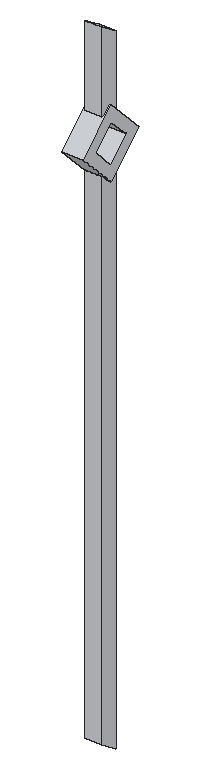
Revit family "Baluster-Custom3 (M)", category 난간동자, Revit 2026
Family settings
  항상 수직 = 예
  로드될 때 보이드를 사용하여 절단 = 아니오
  공유 = 아니오
Parameters (values of type "20mm")
  built-in parameter 1008623 [instance] = 32.47°
  built-in parameter 1008625 [instance] = (empty or 0)
  Post = no
  built-in parameter 1008624 [instance] = 32.47°
  Width = 20 mm
  t1 = Width + 5.999 mm  # 25.999 mm
  Baluster Material = none
  built-in parameter 1008622 [instance] = 762 mm
Types (3, lengths in mm): name | Width | t1
  (no name) | 20 | 25.999
  25mm | 25 | 30.999
  20mm | 20 | 25.999
Reference planes
  plane 1 "Center F/B": y = 0
  plane 2: z = 0
  plane 3 "Center L/R": x = 0
  plane 4 "Top": z = 762
  plane 5 "Top Angle Cut": through (0, 345.134, 542.379) normal (0, -0.5369, -0.8437)
  plane 6: z = 862
  plane 7: z = 609.6
  plane 8: z = 673.1
  plane 9: z = 641.35
  plane 10: x = -13
  plane 11: x = 13
  plane 12: z = -100
  plane 13: y = 50
  plane 14: x = 50
  plane 15: y = -50
  plane 16: x = -50
  plane 17 "Bottom Angle Cut": through (0, 0, 0) normal (0, -0.5369, -0.8437)
Forms (mm)
  Extrusion 1, solid, material <- "Baluster Material"
    sketch origin (0, 0, 0) x (1, 0, 0) y (0, 1, 0)
      loop
        line (-10, 10) -> (-10, -10) -> (10, -10) -> (10, 10) -> (-10, 10)
    from 673.1 to 862
  Extrusion 2, void
    sketch origin (0, 0, 0) x (0, 1, 0) y (0, 0, 1)
      loop
        line (-50, 862) -> (-50, 793.817) -> (50, 730.183) -> (50, 862) -> (-50, 862)
    from -50 to 50
  Extrusion 3, solid, material <- "Baluster Material"
    sketch origin (0, 0, 0) x (1, 0, 0) y (0, 1, 0)
      loop
        line (-10, 10) -> (-10, -10) -> (10, -10) -> (10, 10) -> (-10, 10)
    from -100 to 609.6
  Extrusion 4, solid, material <- "Baluster Material"
    sketch origin (0, 0, 0) x (0, 1, 0) y (0, 0, 1)
      loop
        line (0, 682.625) -> (-41.275, 641.35) -> (0, 600.075) -> (41.275, 641.35) -> (0, 682.625)
      loop
        line (0, 664.664) -> (-23.314, 641.35) -> (0, 618.036) -> (23.314, 641.35) -> (0, 664.664)
    from -13 to 13
  Extrusion 5, void
    sketch origin (0, 0, 0) x (0, 1, 0) y (0, 0, 1)
      loop
        line (50, -31.817) -> (-50, 31.817) -> (-50, -100) -> (50, -100) -> (50, -31.817)
    from -50 to 50
Cuts and joins
  Extrusion 2, Extrusion 5 cuts Extrusion 1
  Extrusion 5 cuts Extrusion 3
  Extrusion 5 cuts Extrusion 4
Dimensions and locks
  "built-in parameter 1008622": plane 2 to plane 4 "Top"
  locked: plane 4 "Top" to plane 6 at 100
  equal spacing: Extrusion 1 sketch curve, plane 3 "Center L/R", Extrusion 1 sketch curve
  equal spacing: Extrusion 1 sketch curve, plane 1 "Center F/B", Extrusion 1 sketch curve
  "Width": Extrusion 1 sketch curve to Extrusion 1 sketch curve  (x2)
  "Width": Extrusion 3 sketch curve to Extrusion 3 sketch curve  (x2)
  locked: plane 7 to plane 8 at 63.5
  equal spacing: plane 7, plane 9, plane 8
  equal spacing: Extrusion 3 sketch curve, plane 3 "Center L/R", Extrusion 3 sketch curve
  equal spacing: Extrusion 3 sketch curve, plane 1 "Center F/B", Extrusion 3 sketch curve
  "t1": plane 10 to plane 11
  equal spacing: plane 10, plane 3 "Center L/R", plane 11
  locked: level to plane 12 at 100
  locked: plane 7 to plane 4 "Top" at 152.4
  locked: plane 16 to plane 3 "Center L/R" at 50
  locked: plane 3 "Center L/R" to plane 14 at 50
  locked: plane 1 "Center F/B" to plane 13 at 50
  locked: plane 15 to plane 1 "Center F/B" at 50
  "built-in parameter 1008623": angle plane 4 "Top" to plane 5 "Top Angle Cut"
  "built-in parameter 1008624": angle level to plane 17 "Bottom Angle Cut"
  aligned and locked: Extrusion 1 to plane 6
  aligned and locked: Extrusion 3 to plane 7
  aligned and locked: plane 8 to Extrusion 1
  aligned and locked: Extrusion 4 to plane 10
  aligned and locked: Extrusion 4 to plane 11
  aligned and locked: Extrusion 2 to plane 16
  aligned and locked: Extrusion 2 to plane 14
  aligned and locked: plane 6 to Extrusion 2 sketch curve
  aligned and locked: plane 13 to Extrusion 2 sketch curve
  aligned and locked: plane 15 to Extrusion 2 sketch curve
  aligned and locked: Extrusion 2 sketch curve to plane 5 "Top Angle Cut"
  aligned and locked: plane 12 to Extrusion 3
  aligned and locked: Extrusion 5 sketch curve to plane 12
  aligned and locked: plane 13 to Extrusion 5 sketch curve
  aligned and locked: Extrusion 5 sketch curve to plane 15
  aligned and locked: plane 17 "Bottom Angle Cut" to Extrusion 5 sketch curve
  aligned and locked: Extrusion 5 to plane 16
  aligned and locked: Extrusion 5 to plane 14
Automatic sketch dimensions
  Extrusion 4 sketch curve to plane 9 = 0 mm  (x2)
  Extrusion 4 sketch curve to plane 1 "Center F/B" = 0 mm  (x3)
  Extrusion 4 sketch curve to plane 7 = 8.436 mm
  plane 1 "Center F/B" to Extrusion 4 sketch curve = 0 mm
  plane 9 to Extrusion 4 sketch curve = 0 mm  (x2)
  Extrusion 4 sketch curve to Extrusion 4 sketch curve = 17.961 mm
